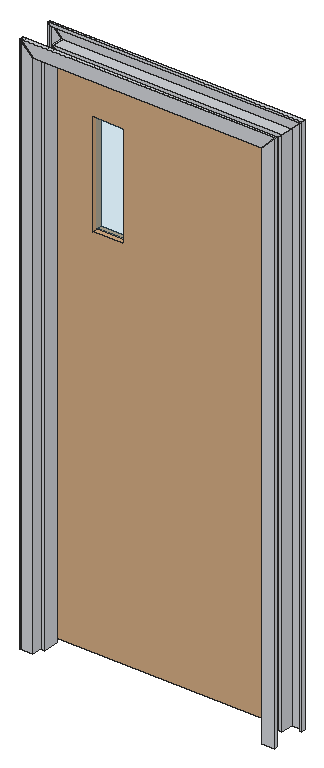
Revit family "Ext-N-WDMF-36 x 84", category Doors, host Wall, Revit 2014
Parameters (values of type "Int-N-WDMF-36" x 84"")
  Width = Door Panel Width  # 3' - 0"
  Wall Thickness [instance] = 0' - 4 7/8"
  URL = ""
  Type Comments = ""
  Thickness = 0' - 1 3/4"
  Swing Angle [instance] = 90.00°
  SDI RO Spacing = 0' - 0"
  SDI Panel 1 Width = Leaf Width + 0' 0 3/16"  # 3' - 0"
  SDI No Panels = ""
  SDI HW Set [instance] = ""
  SDI HW Item LO-2 [instance] = ""
  SDI HW Item LO-1 [instance] = ""
  SDI HW Item KP-2 [instance] = ""
  SDI HW Item KP-1 [instance] = ""
  SDI HW Item HI-2 [instance] = ""
  SDI HW Item HI-1 [instance] = ""
  SDI HW Item HC-2 [instance] = ""
  SDI HW Item HC-1 [instance] = ""
  SDI HW Item ED-2 [instance] = ""
  SDI HW Item ED-1 [instance] = ""
  SDI HW Item DO-2 [instance] = ""
  SDI HW Item DO-1 [instance] = ""
  SDI HW Item CL-2 [instance] = ""
  SDI HW Item CL-1 [instance] = ""
  SDI Glass Material = Glass
  SDI Frame Type = "3 Piece"
  SDI Frame Material Type = "Hollow Metal"
  SDI Frame Material = Paint - Generic - Prime
  SDI Frame Manufacturer = ""
  SDI Frame Jamb Width = 0' - 2"
  SDI Frame Head Width = 0' - 2"
  SDI Frame Finish Type = "Painted"
  SDI Frame Finish Color = "Prime"
  SDI Frame Depth [instance] = 0' - 5 7/8"
  SDI Family Version = "1.0"
  SDI Door Top Rail Width = 0' - 7 3/4"
  SDI Door Stile Width = 0' - 6"
  SDI Door Panel Type = "N"
  SDI Door Material Type = "Wood"
  SDI Door Material = Stain - SRO - Red Oak 100 Clear
  SDI Door Manufacturer = ""
  SDI Door Glass Type = "1/4\" Tempered"
  SDI Door Finish Type = "SRO"
  SDI Door Finish Color = "Red Oak 100 Clear"
  SDI Door Configuration = "SG"
  SDI Door Bottom Rail Width = 5' - 0"
  SDI Arch Frame Type [instance] = ""
  SDI Arch Frame Material Type [instance] = "HM"
  SDI Arch Door Panel Type [instance] = "N"
  SDI Arch Door Material Type [instance] = "WD"
  Rough Width = Frame Width - 0' 1" + 2 * SDI RO Spacing  # 3' - 3"
  Rough Height = Frame Height - 0' 0 1/2" + SDI RO Spacing  # 7' - 1 1/2"
  R1 Height = 7' - 0"
  P1 Width = 3' - 2"
  Model = "Int-N-WDMF-36\" x 84\""
  Manufacturer = ""
  Leaf Width = P1 Width - 0' 2 3/16"  # 2' - 11 13/16"
  Height = Door Panel Height  # 7' - 0"
  Function = Interior
  Frame Width = P1 Width + 0' 2"  # 3' - 4"
  Frame Offset [instance] = 0' - 0"
  Frame Height = R1 Height + 0' 2"  # 7' - 2"
  Fire Rating = ""
  Exterior Glazing [instance] = no
  Door Panel Width = P1 Width - 0' 2"  # 3' - 0"
  Door Panel Height = R1 Height + 0' 2" - (0' 2")  # 7' - 0"
  Description = "Wood Door with Hollow Metal Frame"
  Cost = 0
  Assembly Code = "C1020320"
  Analytic Construction = "<None>"
  ADA Clearance Lines = no
Reference planes (in)
  plane 1: y = 0
  plane 2 "Center (Left/Right)": x = 0
  plane 3 "Wall Edge": y = 2.4375
  plane 4 "Wall Interior": y = -2.4375
  plane 5 "ModelRefLevel": z = 0
  plane 6 "FrameDepthPlane": y = 0
  plane 7 "FrameFront": y = 2.9375
  plane 8 "FrameBack": y = -2.9375
  plane 9 "V0": x = 19
  plane 10 "V1": x = -19
  plane 11 "H0": z = 1
  plane 12 "H1": z = 85
  plane 13 "DoorLeft": x = 18
  plane 14 "DoorRight": x = -18
  plane 15 "DoorCenter": x = 0
  plane 16 "DoorTop": z = 83.875
  plane 17 "DoorCenterTB": z = 41.9375
  plane 18 "DoorExtFace": y = 2.875
  plane 19 "DoorGlassFace": y = 2.125
  plane 20 "LockCenterLine": z = 41.3125
  plane 21 "DoorExtFace1": y = 2.125
  plane 22 "GlassLeft1": x = -6.90625
  plane 23 "GlassRight1": x = -11.90625
  plane 24 "ActDoorLeft": x = 17.90625
  plane 25 "SwingClrPlane": y = 62.4375
  plane 26 "SwingPartialPlane": y = 50.4375
Forms (in)
  Extrusion 1, solid
    sketch origin (138.6875, 0, 43) x (-1, 0, 0) y (0, -1, 0)
      loop
        line (119.0625, -2.4375) -> (118.6875, -2.4375) -> (118.6875, -2.9375) -> (120.6875, -2.9375) -> (120.6875, -1) -> (121.3125, -1) -> (121.3125, 1.375) -> (120.6875, 1.375) -> (120.6875, 2.9375) -> (118.6875, 2.9375) -> (118.6875, 2.4375) -> (119.0625, 2.4375) -> (119.0625, 2.5) -> (118.75, 2.5) -> (118.75, 2.875) -> (120.625, 2.875) -> (120.625, 1.3125) -> (121.25, 1.3125) -> (121.25, -0.9375) -> (120.625, -0.9375) -> (120.625, -2.875) -> (118.75, -2.875) -> (118.75, -2.5) -> (119.0625, -2.5) -> (119.0625, -2.4375)
    from -43 to 43
  Extrusion 2, void
    sketch origin (0, 2.4375, 0) x (1, 0, 0) y (0, 0, 1)
      loop
        line (20, 86) -> (17.375, 86) -> (17.375, 83.375) -> (20, 86)
    from -12 to 12
  Extrusion 3, solid
    sketch origin (101.3125, 0, 43) x (-1, 0, 0) y (0, -1, 0)
      loop
        line (120.9375, -2.5) -> (121.25, -2.5) -> (121.25, -2.875) -> (119.375, -2.875) -> (119.375, -0.9375) -> (118.75, -0.9375) -> (118.75, 1.3125) -> (119.375, 1.3125) -> (119.375, 2.875) -> (121.25, 2.875) -> (121.25, 2.5) -> (120.9375, 2.5) -> (120.9375, 2.4375) -> (121.3125, 2.4375) -> (121.3125, 2.9375) -> (119.3125, 2.9375) -> (119.3125, 1.375) -> (118.6875, 1.375) -> (118.6875, -1) -> (119.3125, -1) -> (119.3125, -2.9375) -> (121.3125, -2.9375) -> (121.3125, -2.4375) -> (120.9375, -2.4375) -> (120.9375, -2.5)
    from -43 to 43
  Extrusion 4, void
    sketch origin (0, 2.4375, 0) x (1, 0, 0) y (0, 0, 1)
      loop
        line (-20, 86) -> (-17.375, 83.375) -> (-17.375, 86) -> (-20, 86)
    from -12 to 12
  Extrusion 5, solid
    sketch origin (0, 0, 84.6875) x (0, 1, 0) y (0, 0, 1)
      loop
        line (2.5, 0.9375) -> (2.5, 1.25) -> (2.875, 1.25) -> (2.875, -0.625) -> (0.9375, -0.625) -> (0.9375, -1.25) -> (-1.3125, -1.25) -> (-1.3125, -0.625) -> (-2.875, -0.625) -> (-2.875, 1.25) -> (-2.5, 1.25) -> (-2.5, 0.9375) -> (-2.4375, 0.9375) -> (-2.4375, 1.3125) -> (-2.9375, 1.3125) -> (-2.9375, -0.6875) -> (-1.375, -0.6875) -> (-1.375, -1.3125) -> (1, -1.3125) -> (1, -0.6875) -> (2.9375, -0.6875) -> (2.9375, 1.3125) -> (2.4375, 1.3125) -> (2.4375, 0.9375) -> (2.5, 0.9375)
    from -20 to 20
  Extrusion 6, void
    sketch origin (0, 2.4375, 0) x (1, 0, 0) y (0, 0, 1)
      loop
        line (-20, 86) -> (-20, 83.375) -> (-17.375, 83.375) -> (-20, 86)
    from -12 to 12
  Extrusion 7, void
    sketch origin (0, 2.4375, 0) x (1, 0, 0) y (0, 0, 1)
      loop
        line (20, 86) -> (17.375, 83.375) -> (20, 83.375) -> (20, 86)
    from -12 to 12
  Extrusion 8, solid, material "Stain - SRO - Red Oak 100 Clear" <- "SDI Door Material"
    sketch origin (-72, 2.875, -24) x (1, 0, 0) y (0, 0, 1)
      loop
        line (89.90625, 24.625) -> (89.90625, 107.875) -> (54.09375, 107.875) -> (54.09375, 24.625) -> (89.90625, 24.625)
      loop
        line (65.09375, 83.875) -> (65.09375, 100.125) -> (60.09375, 100.125) -> (60.09375, 83.875) -> (65.09375, 83.875)
    from 0 to 1.75
  Extrusion 9, solid, material "Glass" <- "SDI Glass Material"
    sketch origin (-72, 2.125, -24) x (1, 0, 0) y (0, 0, 1)
      loop
        line (60.09375, 83.875) -> (65.09375, 83.875) -> (65.09375, 100.125) -> (60.09375, 100.125) -> (60.09375, 83.875)
    from 0 to 0.25
Cuts and joins
  Extrusion 2 cuts Extrusion 1
  Extrusion 4 cuts Extrusion 3
  Extrusion 6, Extrusion 7 cuts Extrusion 5
Lines and regions (in)
  Opening 1
    outline origin (-60, -2.4375, 0) x (1, 0, 0) y (0, 0, 1)
      loop
        line (79.5, 0) -> (79.5, 85.5) -> (40.5, 85.5) -> (40.5, 0) -> (79.5, 0)
  symbolic lines, style "DoorsFrameMullionProjection", detail levels fine
    curve 1: line (19.625, 2.4375, 0) -> (20, 2.4375, 0)
    curve 2: line (20, 2.4375, 0) -> (20, 2.9375, 0)
    curve 3: line (20, 2.9375, 0) -> (18, 2.9375, 0)
    curve 4: line (18, 2.9375, 0) -> (18, 1, 0)
    curve 5: line (18, 1, 0) -> (17.375, 1, 0)
    curve 6: line (17.375, 1, 0) -> (17.375, -1.375, 0)
    curve 7: line (17.375, -1.375, 0) -> (18, -1.375, 0)
    curve 8: line (18, -1.375, 0) -> (18, -2.9375, 0)
    curve 9: line (18, -2.9375, 0) -> (20, -2.9375, 0)
    curve 10: line (20, -2.9375, 0) -> (20, -2.4375, 0)
    curve 11: line (20, -2.4375, 0) -> (19.625, -2.4375, 0)
    curve 12: line (19.625, -2.4375, 0) -> (19.625, -2.5, 0)
    curve 13: line (19.625, -2.5, 0) -> (19.9375, -2.5, 0)
    curve 14: line (19.9375, -2.5, 0) -> (19.9375, -2.875, 0)
    curve 15: line (19.9375, -2.875, 0) -> (18.0625, -2.875, 0)
    curve 16: line (18.0625, -2.875, 0) -> (18.0625, -1.3125, 0)
    curve 17: line (18.0625, -1.3125, 0) -> (17.4375, -1.3125, 0)
    curve 18: line (17.4375, -1.3125, 0) -> (17.4375, 0.9375, 0)
    curve 19: line (17.4375, 0.9375, 0) -> (18.0625, 0.9375, 0)
    curve 20: line (18.0625, 0.9375, 0) -> (18.0625, 2.875, 0)
    curve 21: line (18.0625, 2.875, 0) -> (19.9375, 2.875, 0)
    curve 22: line (19.9375, 2.875, 0) -> (19.9375, 2.5, 0)
    curve 23: line (19.9375, 2.5, 0) -> (19.625, 2.5, 0)
    curve 24: line (19.625, 2.5, 0) -> (19.625, 2.4375, 0)
    curve 37: line (-19.625, 2.5, 0) -> (-19.9375, 2.5, 0)
    curve 38: line (-19.9375, 2.5, 0) -> (-19.9375, 2.875, 0)
    curve 39: line (-19.9375, 2.875, 0) -> (-18.0625, 2.875, 0)
    curve 40: line (-18.0625, 2.875, 0) -> (-18.0625, 0.9375, 0)
    curve 41: line (-18.0625, 0.9375, 0) -> (-17.4375, 0.9375, 0)
    curve 42: line (-17.4375, 0.9375, 0) -> (-17.4375, -1.3125, 0)
    curve 43: line (-17.4375, -1.3125, 0) -> (-18.0625, -1.3125, 0)
    curve 44: line (-18.0625, -1.3125, 0) -> (-18.0625, -2.875, 0)
    curve 45: line (-18.0625, -2.875, 0) -> (-19.9375, -2.875, 0)
    curve 46: line (-19.9375, -2.875, 0) -> (-19.9375, -2.5, 0)
    curve 47: line (-19.9375, -2.5, 0) -> (-19.625, -2.5, 0)
    curve 48: line (-19.625, -2.5, 0) -> (-19.625, -2.4375, 0)
    curve 49: line (-19.625, -2.4375, 0) -> (-20, -2.4375, 0)
    curve 50: line (-20, -2.4375, 0) -> (-20, -2.9375, 0)
    curve 51: line (-20, -2.9375, 0) -> (-18, -2.9375, 0)
    curve 52: line (-18, -2.9375, 0) -> (-18, -1.375, 0)
    curve 53: line (-18, -1.375, 0) -> (-17.375, -1.375, 0)
    curve 54: line (-17.375, -1.375, 0) -> (-17.375, 1, 0)
    curve 55: line (-17.375, 1, 0) -> (-18, 1, 0)
    curve 56: line (-18, 1, 0) -> (-18, 2.9375, 0)
    curve 57: line (-18, 2.9375, 0) -> (-20, 2.9375, 0)
    curve 58: line (-20, 2.9375, 0) -> (-20, 2.4375, 0)
    curve 59: line (-20, 2.4375, 0) -> (-19.625, 2.4375, 0)
    curve 60: line (-19.625, 2.4375, 0) -> (-19.625, 2.5, 0)
  symbolic lines, style "DoorsFrameMullionProjection", detail levels coarse
    curve 25: line (18, -2.9375, 0) -> (19.5, -2.9375, 0)
    curve 26: line (18, 2.9375, 0) -> (19.5, 2.9375, 0)
    curve 27: line (18, -2.9375, 0) -> (18, 2.9375, 0)
    curve 28: line (19.5, -2.9375, 0) -> (19.5, 2.9375, 0)
    curve 61: line (-19.5, -2.9375, 0) -> (-18, -2.9375, 0)
    curve 62: line (-19.5, 2.9375, 0) -> (-18, 2.9375, 0)
    curve 63: line (-19.5, -2.9375, 0) -> (-19.5, 2.9375, 0)
    curve 64: line (-18, -2.9375, 0) -> (-18, 2.9375, 0)
  symbolic lines, style "DoorsFrameMullionProjection", detail levels medium
    curve 29: line (18, -2.9375, 0) -> (20, -2.9375, 0)
    curve 30: line (20, -2.9375, 0) -> (20, -2.4375, 0)
    curve 31: line (19.5, -2.4375, 0) -> (20, -2.4375, 0)
    curve 32: line (19.5, -2.4375, 0) -> (19.5, 2.4375, 0)
    curve 33: line (19.5, 2.4375, 0) -> (20, 2.4375, 0)
    curve 34: line (20, 2.9375, 0) -> (20, 2.4375, 0)
    curve 35: line (18, 2.9375, 0) -> (20, 2.9375, 0)
    curve 36: line (18, -2.9375, 0) -> (18, 2.9375, 0)
    curve 65: line (-20, -2.9375, 0) -> (-18, -2.9375, 0)
    curve 66: line (-20, -2.9375, 0) -> (-20, -2.4375, 0)
    curve 67: line (-20, -2.4375, 0) -> (-19.5, -2.4375, 0)
    curve 68: line (-19.5, -2.4375, 0) -> (-19.5, 2.4375, 0)
    curve 69: line (-20, 2.4375, 0) -> (-19.5, 2.4375, 0)
    curve 70: line (-20, 2.9375, 0) -> (-20, 2.4375, 0)
    curve 71: line (-20, 2.9375, 0) -> (-18, 2.9375, 0)
    curve 72: line (-18, -2.9375, 0) -> (-18, 2.9375, 0)
  symbolic lines, style "Elevation Swing"
    curve 73: line (-17.90625, 2.4375, 83.875) -> (17.90625, 2.4375, 41.9375)
    curve 74: line (-17.90625, 2.4375, 0) -> (17.90625, 2.4375, 41.9375)
  symbolic lines, style "ADA Clearance", visible <- "ADA Clearance Lines"
    curve 75: line (20, 2.4375, 0) -> (20, 62.4375, 0)
    curve 76: line (-36, 62.4375, 0) -> (20, 62.4375, 0)
    curve 77: line (-36, 50.4375, 0) -> (20, 50.4375, 0)
    curve 78: line (-36, 2.4375, 0) -> (-36, 62.4375, 0)
    curve 79: line (20, -2.4375, 0) -> (20, -50.4375, 0)
    curve 80: line (-30, -50.4375, 0) -> (20, -50.4375, 0)
    curve 81: line (-30, -2.4375, 0) -> (-30, -50.4375, 0)
Text (in)
  text "Placement Side" at (0, 40.15149, 123.01588), in view "Right"
  text "Placement Side" at (-70.3804, 28.46503, 0), in view "Ref. Level"
  text "Placement Side" at (0, 81.62555, 140.59947), in view "Left"
Dimensions and locks (in)
  locked: plane 3 "Wall Edge" to host wall
  equal spacing: host wall, plane 2 "Center (Left/Right)", host wall
  "Rough Width": host wall to host wall
  "Rough Height": level to host wall
  equal spacing: plane 3 "Wall Edge", plane 1, plane 4 "Wall Interior"
  "Wall Thickness": host wall to host wall
  locked: plane 3 "Wall Edge" to plane 7 "FrameFront" at 0.5
  locked: plane 4 "Wall Interior" to plane 8 "FrameBack" at 0.5
  "SDI Frame Depth": plane 7 "FrameFront" to plane 8 "FrameBack"
  equal spacing: plane 9 "V0", plane 2 "Center (Left/Right)", plane 10 "V1"
  "P1 Width": plane 9 "V0" to plane 10 "V1"
  "R1 Height": plane 11 "H0" to plane 12 "H1"
  locked: plane 12 "H1" to Extrusion 1 at 1
  locked: plane 11 "H0" to Extrusion 1 at 1
  locked: plane 9 "V0" to Extrusion 1 at 0.9375  (x4)
  locked: plane 9 "V0" to Extrusion 1 at 1.5625
  locked: plane 9 "V0" to Extrusion 1 at 1  (x4)
  locked: plane 9 "V0" to Extrusion 1 at 0.625  (x3)
  locked: plane 9 "V0" to Extrusion 1 at 1.625
  locked: plane 12 "H1" to Extrusion 3 at 1
  locked: plane 11 "H0" to Extrusion 3 at 1
  locked: plane 10 "V1" to Extrusion 3 at 0.625  (x2)
  locked: plane 10 "V1" to Extrusion 3 at 1  (x5)
  locked: plane 10 "V1" to Extrusion 3 at 1.625
  locked: plane 10 "V1" to Extrusion 3 at 0.9375  (x4)
  locked: plane 10 "V1" to Extrusion 3 at 1.5625
  locked: plane 9 "V0" to Extrusion 5 at 1
  locked: plane 10 "V1" to Extrusion 5 at 1
  locked: plane 12 "H1" to Extrusion 5 at 0.9375  (x5)
  locked: plane 12 "H1" to Extrusion 5 at 1.5625
  locked: plane 12 "H1" to Extrusion 5 at 1  (x4)
  locked: plane 12 "H1" to Extrusion 5 at 0.625  (x2)
  locked: plane 12 "H1" to Extrusion 5 at 1.625
  locked: plane 7 "FrameFront" to cut or joined group of Extrusion 1, Extrusion 2 at 1.9375
  locked: plane 7 "FrameFront" to cut or joined group of Extrusion 1, Extrusion 2 at 2
  locked: plane 7 "FrameFront" to cut or joined group of Extrusion 1, Extrusion 2 at 0.0625
  locked: plane 7 "FrameFront" to cut or joined group of Extrusion 1, Extrusion 2 at 0.4375
  locked: plane 7 "FrameFront" to cut or joined group of Extrusion 1, Extrusion 2 at 0.5
  locked: plane 8 "FrameBack" to cut or joined group of Extrusion 1, Extrusion 2 at 1.5625
  locked: plane 8 "FrameBack" to cut or joined group of Extrusion 1, Extrusion 2 at 0.5
  locked: plane 8 "FrameBack" to cut or joined group of Extrusion 1, Extrusion 2 at 0.4375
  locked: plane 8 "FrameBack" to cut or joined group of Extrusion 1, Extrusion 2 at 0.0625
  locked: plane 8 "FrameBack" to cut or joined group of Extrusion 1, Extrusion 2 at 1.625
  locked: plane 7 "FrameFront" to cut or joined group of Extrusion 3, Extrusion 4 at 0.0625
  locked: plane 7 "FrameFront" to cut or joined group of Extrusion 3, Extrusion 4 at 2
  locked: plane 7 "FrameFront" to cut or joined group of Extrusion 3, Extrusion 4 at 1.9375
  locked: plane 7 "FrameFront" to cut or joined group of Extrusion 3, Extrusion 4 at 0.5
  locked: plane 7 "FrameFront" to cut or joined group of Extrusion 3, Extrusion 4 at 0.4375
  locked: plane 8 "FrameBack" to cut or joined group of Extrusion 3, Extrusion 4 at 1.625
  locked: plane 8 "FrameBack" to cut or joined group of Extrusion 3, Extrusion 4 at 0.0625
  locked: plane 8 "FrameBack" to cut or joined group of Extrusion 3, Extrusion 4 at 0.4375
  locked: plane 8 "FrameBack" to cut or joined group of Extrusion 3, Extrusion 4 at 0.5
  locked: plane 8 "FrameBack" to cut or joined group of Extrusion 3, Extrusion 4 at 1.5625
  locked: plane 7 "FrameFront" to cut or joined group of Extrusion 5, Extrusion 6, Extrusion 7 at 0.0625
  locked: plane 7 "FrameFront" to cut or joined group of Extrusion 5, Extrusion 6, Extrusion 7 at 2
  locked: plane 7 "FrameFront" to cut or joined group of Extrusion 5, Extrusion 6, Extrusion 7 at 1.9375
  locked: plane 7 "FrameFront" to cut or joined group of Extrusion 5, Extrusion 6, Extrusion 7 at 0.5
  locked: plane 7 "FrameFront" to cut or joined group of Extrusion 5, Extrusion 6, Extrusion 7 at 0.4375
  locked: plane 8 "FrameBack" to cut or joined group of Extrusion 5, Extrusion 6, Extrusion 7 at 1.625
  locked: plane 8 "FrameBack" to cut or joined group of Extrusion 5, Extrusion 6, Extrusion 7 at 0.0625
  locked: plane 8 "FrameBack" to cut or joined group of Extrusion 5, Extrusion 6, Extrusion 7 at 0.4375
  locked: plane 8 "FrameBack" to cut or joined group of Extrusion 5, Extrusion 6, Extrusion 7 at 0.5
  locked: plane 8 "FrameBack" to cut or joined group of Extrusion 5, Extrusion 6, Extrusion 7 at 1.5625
  locked: plane 7 "FrameFront" to curve 1 at 0.5
  locked: plane 7 "FrameFront" to curve 5 at 1.9375
  locked: plane 7 "FrameFront" to curve 19 at 2
  locked: plane 7 "FrameFront" to curve 21 at 0.0625
  locked: plane 7 "FrameFront" to curve 23 at 0.4375
  locked: plane 7 "FrameFront" to curve 33 at 0.5
  locked: plane 7 "FrameFront" to curve 37 at 0.4375
  locked: plane 7 "FrameFront" to curve 39 at 0.0625
  locked: plane 7 "FrameFront" to curve 41 at 2
  locked: plane 7 "FrameFront" to curve 55 at 1.9375
  locked: plane 7 "FrameFront" to curve 59 at 0.5
  locked: plane 7 "FrameFront" to curve 69 at 0.5
  locked: plane 8 "FrameBack" to curve 7 at 1.5625
  locked: plane 8 "FrameBack" to curve 11 at 0.5
  locked: plane 8 "FrameBack" to curve 13 at 0.4375
  locked: plane 8 "FrameBack" to curve 15 at 0.0625
  locked: plane 8 "FrameBack" to curve 17 at 1.625
  locked: plane 8 "FrameBack" to curve 31 at 0.5
  locked: plane 8 "FrameBack" to curve 43 at 1.625
  locked: plane 8 "FrameBack" to curve 45 at 0.0625
  locked: plane 8 "FrameBack" to curve 47 at 0.4375
  locked: plane 8 "FrameBack" to curve 49 at 0.5
  locked: plane 8 "FrameBack" to curve 53 at 1.5625
  locked: plane 8 "FrameBack" to curve 67 at 0.5
  locked: plane 9 "V0" to plane 13 "DoorLeft" at 1
  locked: plane 10 "V1" to plane 14 "DoorRight" at 1
  locked: plane 12 "H1" to plane 16 "DoorTop" at 1.125
  equal spacing: plane 16 "DoorTop", plane 17 "DoorCenterTB", plane 5 "ModelRefLevel"
  locked: plane 3 "Wall Edge" to plane 18 "DoorExtFace" at 0.4375
  locked: plane 3 "Wall Edge" to plane 19 "DoorGlassFace" at 0.3125
  locked: plane 20 "LockCenterLine" to plane 5 "ModelRefLevel" at 41.3125
  locked: Extrusion 8 to Extrusion 8 at 1.75
  locked: plane 7 "FrameFront" to plane 21 "DoorExtFace1" at 0.8125
  locked: plane 14 "DoorRight" to plane 23 "GlassRight1" at 6.09375
  locked: plane 22 "GlassLeft1" to plane 23 "GlassRight1" at 5
  locked: Extrusion 9 to Extrusion 9 at 0.25
  locked: plane 13 "DoorLeft" to Extrusion 8 at 0.09375
  locked: plane 14 "DoorRight" to Extrusion 8 at 0.09375
  locked: plane 16 "DoorTop" to Extrusion 8 at 0
  locked: plane 20 "LockCenterLine" to Extrusion 8 at 18.5625
  locked: plane 5 "ModelRefLevel" to Extrusion 8 at 0.625
  locked: plane 16 "DoorTop" to Extrusion 8 at 7.75
  locked: plane 16 "DoorTop" to Extrusion 9 at 7.75
  locked: plane 20 "LockCenterLine" to Extrusion 9 at 18.5625
  locked: plane 13 "DoorLeft" to plane 24 "ActDoorLeft" at 0.09375
  locked: plane 3 "Wall Edge" to plane 25 "SwingClrPlane" at 60
  locked: plane 3 "Wall Edge" to plane 26 "SwingPartialPlane" at 48
  aligned and locked: plane 4 "Wall Interior" to host wall
  aligned and locked: cut or joined group of Extrusion 1, Extrusion 2 to plane 7 "FrameFront"
  aligned and locked: plane 8 "FrameBack" to cut or joined group of Extrusion 1, Extrusion 2
  aligned and locked: cut or joined group of Extrusion 3, Extrusion 4 to plane 7 "FrameFront"
  aligned and locked: plane 8 "FrameBack" to cut or joined group of Extrusion 3, Extrusion 4
  aligned and locked: cut or joined group of Extrusion 5, Extrusion 6, Extrusion 7 to plane 7 "FrameFront"
  aligned and locked: plane 8 "FrameBack" to cut or joined group of Extrusion 5, Extrusion 6, Extrusion 7
  aligned and locked: curve 3 to plane 7 "FrameFront"
  aligned and locked: plane 7 "FrameFront" to curve 26
  aligned and locked: curve 57 to plane 7 "FrameFront"
  aligned and locked: plane 7 "FrameFront" to curve 62
  aligned and locked: plane 7 "FrameFront" to curve 71
  aligned and locked: plane 8 "FrameBack" to curve 9
  aligned and locked: plane 8 "FrameBack" to curve 61
  aligned and locked: plane 8 "FrameBack" to curve 65
  aligned and locked: Extrusion 8 to plane 18 "DoorExtFace"
  aligned and locked: Extrusion 9 to plane 21 "DoorExtFace1"
  aligned and locked: Extrusion 8 to plane 23 "GlassRight1"
  aligned and locked: Extrusion 8 to plane 22 "GlassLeft1"
  aligned and locked: Extrusion 9 to plane 22 "GlassLeft1"
  aligned and locked: Extrusion 9 to plane 23 "GlassRight1"
  aligned and locked: plane 7 "FrameFront" to nested 1
  aligned and locked: plane 24 "ActDoorLeft" to nested 1
  aligned and locked: plane 25 "SwingClrPlane" to curve 76
  aligned and locked: plane 26 "SwingPartialPlane" to curve 77
Automatic sketch dimensions
  Opening 1 sketch curve to level = 0' - 0"
  Opening 1 sketch curve to plane 2 "Center (Left/Right)" = 1' - 7 1/2"
  plane 2 "Center (Left/Right)" to Opening 1 sketch curve = 1' - 7 1/2"
  level to Opening 1 sketch curve = 7' - 1 1/2"
  Extrusion 2 sketch curve to plane 9 "V0" = 0' - 1 5/8"
  plane 9 "V0" to Extrusion 2 sketch curve = 0' - 1"
  plane 12 "H1" to Extrusion 2 sketch curve = 0' - 1 5/8"
  Extrusion 2 sketch curve to plane 12 "H1" = 0' - 1"
  host wall to Extrusion 1 sketch curve = 0' - 0"
  Extrusion 1 sketch curve to host wall = 0' - 0"
  plane 7 "FrameFront" to Extrusion 1 sketch curve = 0' - 0"
  plane 8 "FrameBack" to Extrusion 1 sketch curve = 0' - 0"
  plane 2 "Center (Left/Right)" to Extrusion 1 sketch curve = 1' - 8"  (x2)
  Extrusion 1 sketch curve to Extrusion 1 sketch curve = 0' - 0 1/16"  (x7)
  host wall to Extrusion 1 sketch curve = 0' - 0 1/16"  (x2)
  Extrusion 1 sketch curve to Extrusion 1 sketch curve = 0' - 0 5/16"  (x2)
  plane 2 "Center (Left/Right)" to Extrusion 1 sketch curve = 1' - 6 1/16"  (x2)
  Extrusion 1 sketch curve to Extrusion 1 sketch curve = 0' - 0 9/16"
  plane 7 "FrameFront" to Extrusion 1 sketch curve = 0' - 0 1/16"
  Extrusion 1 sketch curve to host wall = 0' - 1"
  Extrusion 1 sketch curve to host wall = 0' - 1 1/8"
  Extrusion 1 sketch curve to plane 8 "FrameBack" = 0' - 0 1/16"
  plane 9 "V0" to curve 1 = 0' - 1"
  curve 1 to curve 1 = 0' - 0 3/8"
  curve 3 to plane 9 "V0" = 0' - 1"
  curve 4 to curve 5 = 0' - 0 5/8"
  curve 10 to curve 11 = 0' - 0 3/8"
  curve 10 to curve 13 = 0' - 0 1/16"
  curve 15 to curve 8 = 0' - 0 1/16"
  curve 17 to curve 6 = 0' - 0 1/16"
  curve 19 to curve 4 = 0' - 0 1/16"
  curve 2 to curve 21 = 0' - 0 1/16"
  curve 21 to curve 26 = 0' - 0 7/16"
  curve 11 to curve 31 = 0' - 0 1/8"
  curve 1 to curve 32 = 0' - 0 1/8"
  Extrusion 4 sketch curve to plane 10 "V1" = 0' - 1"
  plane 10 "V1" to Extrusion 4 sketch curve = 0' - 1 5/8"
  plane 12 "H1" to Extrusion 4 sketch curve = 0' - 1 5/8"
  Extrusion 4 sketch curve to plane 12 "H1" = 0' - 1"
  plane 8 "FrameBack" to Extrusion 3 sketch curve = 0' - 0"
  plane 7 "FrameFront" to Extrusion 3 sketch curve = 0' - 0"
  host wall to Extrusion 3 sketch curve = 0' - 0"
  Extrusion 3 sketch curve to host wall = 0' - 0"
  Extrusion 3 sketch curve to plane 2 "Center (Left/Right)" = 1' - 5 3/8"
  Extrusion 3 sketch curve to Extrusion 3 sketch curve = 0' - 0 1/16"  (x7)
  Extrusion 3 sketch curve to plane 2 "Center (Left/Right)" = 1' - 6"  (x2)
  Extrusion 3 sketch curve to plane 2 "Center (Left/Right)" = 1' - 7 5/8"  (x2)
  host wall to Extrusion 3 sketch curve = 0' - 0 1/16"  (x2)
  Extrusion 3 sketch curve to Extrusion 3 sketch curve = 0' - 0 5/16"  (x2)
  plane 7 "FrameFront" to Extrusion 3 sketch curve = 0' - 0 1/16"
  Extrusion 3 sketch curve to host wall = 0' - 1"
  Extrusion 3 sketch curve to host wall = 0' - 1 1/8"
  Extrusion 3 sketch curve to plane 8 "FrameBack" = 0' - 0 1/16"
  curve 37 to plane 10 "V1" = 0' - 0 5/8"
  curve 37 to curve 37 = 0' - 0 5/16"
  plane 10 "V1" to curve 39 = 0' - 0 15/16"
  curve 42 to curve 43 = 0' - 0 5/8"
  curve 47 to curve 46 = 0' - 0 5/16"
  curve 46 to curve 49 = 0' - 0 1/16"
  curve 51 to curve 44 = 0' - 0 1/16"
  curve 53 to curve 42 = 0' - 0 1/16"
  curve 55 to curve 40 = 0' - 0 1/16"
  curve 38 to curve 57 = 0' - 0 1/16"
  curve 62 to curve 38 = 0' - 0 7/16"
  curve 67 to curve 48 = 0' - 0 1/8"
  curve 68 to curve 59 = 0' - 0 1/8"
  Extrusion 6 sketch curve to plane 10 "V1" = 0' - 1"
  plane 10 "V1" to Extrusion 6 sketch curve = 0' - 1 5/8"
  plane 12 "H1" to Extrusion 6 sketch curve = 0' - 1 5/8"
  Extrusion 6 sketch curve to plane 12 "H1" = 0' - 1"
  Extrusion 7 sketch curve to plane 9 "V0" = 0' - 1 5/8"
  plane 9 "V0" to Extrusion 7 sketch curve = 0' - 1"
  plane 12 "H1" to Extrusion 7 sketch curve = 0' - 1 5/8"
  Extrusion 7 sketch curve to plane 12 "H1" = 0' - 1"
  Extrusion 5 sketch curve to plane 8 "FrameBack" = 0' - 0"
  Extrusion 5 sketch curve to host wall = 0' - 0"  (x2)
  Extrusion 5 sketch curve to plane 7 "FrameFront" = 0' - 0"
  Extrusion 5 sketch curve to plane 8 "FrameBack" = 0' - 0 1/16"
  host wall to Extrusion 5 sketch curve = 0' - 0 1/16"  (x2)
  Extrusion 5 sketch curve to host wall = 0' - 1 1/16"
  Extrusion 5 sketch curve to Extrusion 5 sketch curve = 0' - 0 1/16"  (x7)
  Extrusion 5 sketch curve to host wall = 0' - 0 15/16"
  plane 7 "FrameFront" to Extrusion 5 sketch curve = 0' - 0 1/16"
  level to Extrusion 5 sketch curve = 6' - 11 3/8"
  level to Extrusion 5 sketch curve = 7' - 0"  (x2)
  Extrusion 5 sketch curve to plane 11 "H0" = 7' - 0 5/8"  (x2)
  Extrusion 5 sketch curve to plane 11 "H0" = 7' - 0 15/16"  (x2)
  Extrusion 8 sketch curve to plane 16 "DoorTop" = 0' - 0"
  plane 14 "DoorRight" to Extrusion 8 sketch curve = 0' - 0 3/32"
  plane 14 "DoorRight" to Extrusion 8 sketch curve = 0' - 6 3/32"
  Extrusion 8 sketch curve to Extrusion 8 sketch curve = 0' - 5"
  Extrusion 8 sketch curve to plane 13 "DoorLeft" = 0' - 0 3/32"
  plane 16 "DoorTop" to Extrusion 8 sketch curve = 0' - 7 3/4"
  Extrusion 8 sketch curve to Extrusion 8 sketch curve = 1' - 4 1/4"
  plane 11 "H0" to Extrusion 8 sketch curve = 0' - 0 3/8"
  plane 14 "DoorRight" to Extrusion 9 sketch curve = 0' - 6 3/32"
  Extrusion 9 sketch curve to Extrusion 9 sketch curve = 0' - 5"
  Extrusion 9 sketch curve to plane 17 "DoorCenterTB" = 1' - 5 15/16"
  plane 16 "DoorTop" to Extrusion 9 sketch curve = 0' - 7 3/4"
  curve 73 to plane 16 "DoorTop" = 0' - 0"
  curve 73 to plane 17 "DoorCenterTB" = 0' - 0"
  plane 14 "DoorRight" to curve 73 = 0' - 0 3/32"
  curve 74 to level = 0' - 0"
  curve 74 to plane 24 "ActDoorLeft" = 0' - 0"
  plane 14 "DoorRight" to curve 74 = 0' - 0 3/32"
  curve 75 to host wall = 0' - 0"
  plane 9 "V0" to curve 75 = 0' - 1"
  curve 78 to host wall = 0' - 0"
  host wall to curve 79 = 0' - 0"
  plane 9 "V0" to curve 79 = 0' - 1"
  plane 8 "FrameBack" to curve 79 = 3' - 11 1/2"
  curve 80 to plane 10 "V1" = 0' - 11"
  host wall to curve 81 = 0' - 0"
  curve 81 to curve 78 = 0' - 6"
Nested families (in)
  nested 1: "SingleDoorPlanLines" at (17.90625, 2.9375, 0.625), type "SingleDoorPlanLines"
Definition of nested family "SingleDoorPlanLines"
  Parameters (values of type "SingleDoorPlanLines")
    Width = 3' - 0"
    URL = ""
    Thickness = 0' - 1 3/4"
    Analytic Construction = "<None>"
    Swing Angle = 90.00°
  Reference planes (in)
    plane 1 "Front": y = 0
    plane 2: z = 0
    plane 3 "Right": x = 0
    plane 4 "Left": x = -36
  Lines and regions (in)
    symbolic lines, style "DoorsPanelProjection"
      curve 1: line (0, 0, 0) -> (0, 36, 0)
      curve 2: line (0, 36, 0) -> (-1.75, 36, 0)
      curve 3: line (-1.75, 36, 0) -> (-1.75, 0, 0)
      curve 4: line (-1.75, 0, 0) -> (0, 0, 0)
    model lines, style "InvisibleLines", not visible
      curve 5: line (0, 0, 0) -> (-38.99851, -0.34033, 0)
    symbolic lines, style "Plan Swing"
      curve 6: arc (-35.99863, -0.31416, 0) -> (-25.56667, 25.34453, 0) -> (0, 36, 0) r 36
  Dimensions and locks (in)
    "Thickness": curve 3 to curve 1
    "Width": curve 2 to curve 4
    "Width": plane 4 "Left" to plane 3 "Right"
    "Swing Angle": angle curve 1 to plane 1 "Front"
    locked: plane 1 "Front" to curve 5 (angle 0.50°)
  Automatic sketch dimensions
    curve 6 to plane 1 "Front" = 0' - 0"
    curve 6 to plane 3 "Right" = 0' - 0"
    curve 4 to plane 1 "Front" = 0' - 0"
    curve 4 to plane 3 "Right" = 0' - 0"
